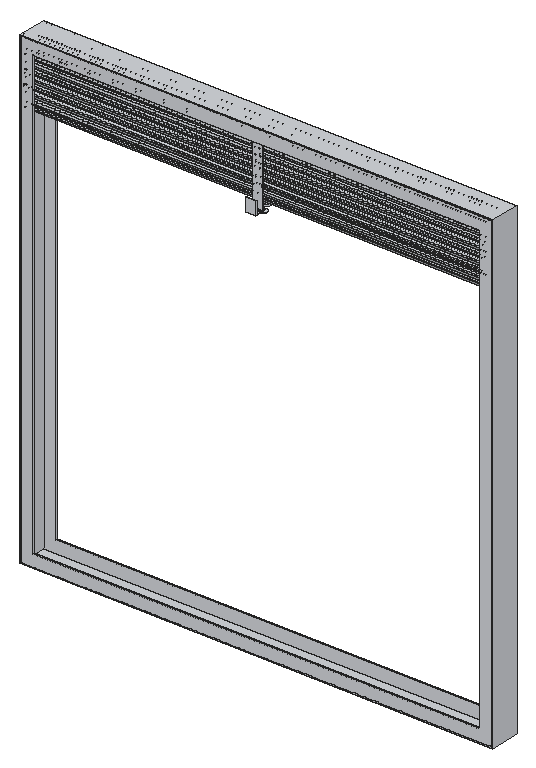
Revit family "FD-AUSL", category Mechanical Equipment, Revit 2015
Parameters
  URL = "https://unitedenertech.com/catalog/pdf/A-15%20%20FD-AUSL.pdf"
  Type Comments = "Max. Size is (40\"w x 40\"h)"
  Model = "FD-AUSL"
  Manufacturer = "United Enertech Corporation"
  Keynote = ""
  Exact Width = 2' - 0"
  EFL Height [instance] = Blade Pair Number * 0' 0 11/32" + 0' 0 41/64"  # 0' - 3 47/64"
  Description = "Ultra Slimline Curtain Fire Damper for use in Static Systems"
  Depth = 0' - 1 1/2"
  Damper Height = 2' - 0"
  Blade Width [instance] = Exact Width - 0' 0 1/8"  # 1' - 11 7/8"
  Blade Spacing [instance] = 0' - 0.34416"
  Blade Pair Number [instance] = (Damper Height - 0' 0 9/128") / 0' 2 159/256"  # 9
Reference planes (in)
  plane 1 "Center (Front/Back)": y = 0
  plane 2: z = 0
  plane 3 "Center (Left/Right)": x = 0
  plane 4: x = -12
  plane 5: x = 12
  plane 6: z = 24
  plane 7: x = -11.9641
  plane 8: x = 11.9641
  plane 9: z = 0.0359
  plane 10: z = 23.9641
  plane 11: y = 0.75
  plane 12: y = -0.75
  plane 13: y = -0.6875
  plane 14: y = 0.6875
  plane 15: z = 0.6609
  plane 16: x = -11.3391
  plane 17: x = 11.3391
  plane 18: z = 23.3391
  plane 19: x = -0.25
  plane 20: x = 0.25
  plane 21: z = 20.22973
  plane 22: z = 20.26563
Forms (in)
  Extrusion 1, solid
    sketch origin (0, 0, 0) x (1, 0, 0) y (0, 0, 1)
      loop
        line (-11.9641, 23.9641) -> (-11.9641, 0.0359) -> (11.9641, 0.0359) -> (11.9641, 23.9641) -> (-11.9641, 23.9641)
      loop
        line (-12, 24) -> (-12, 0) -> (12, 0) -> (12, 24) -> (-12, 24)
    from -0.75 to 0.75
  Extrusion 2, solid
    sketch origin (0, 0, 0) x (1, 0, 0) y (0, 0, 1)
      loop
        line (-11.3391, 23.3391) -> (-11.3391, 0.6609) -> (11.3391, 0.6609) -> (11.3391, 23.3391) -> (-11.3391, 23.3391)
      loop
        line (-11.9641, 23.9641) -> (-11.9641, 0.0359) -> (11.9641, 0.0359) -> (11.9641, 23.9641) -> (-11.9641, 23.9641)
    from 0.6875 to 0.75
  Extrusion 3, solid
    sketch origin (0, 0, 0) x (1, 0, 0) y (0, 0, 1)
      loop
        line (-11.3391, 23.3391) -> (-11.3391, 0.6609) -> (11.3391, 0.6609) -> (11.3391, 23.3391) -> (-11.3391, 23.3391)
      loop
        line (-11.9641, 23.9641) -> (-11.9641, 0.0359) -> (11.9641, 0.0359) -> (11.9641, 23.9641) -> (-11.9641, 23.9641)
    from -0.75 to -0.6875
  Extrusion 4, solid
    sketch origin (0, 0, 0) x (0, 1, 0) y (0, 0, 1)
      loop
        line (0.6875, 23.9641) -> (0.6516, 23.9641) -> (0.6516, 20.22973) -> (1.0891, 20.22973) -> (1.0891, 20.89848) -> (1.0532, 20.89848) -> (1.0532, 20.26563) -> (0.6875, 20.26563) -> (0.6875, 23.9641)
    from -0.25 to 0.25
  Extrusion 5, solid
    sketch origin (0, 0, 0) x (0, -1, 0) y (0, 0, -1)
      loop
        line (0.6875, -23.9641) -> (0.6875, -20.26563) -> (1.0532, -20.26563) -> (1.0532, -20.89848) -> (1.0891, -20.89848) -> (1.0891, -20.22973) -> (0.6516, -20.22973) -> (0.6516, -23.9641) -> (0.6875, -23.9641)
    from -0.25 to 0.25
Dimensions and locks (in)
  equal spacing: plane 4, plane 3 "Center (Left/Right)", plane 5
  "Exact Width": plane 4 to plane 5
  "Damper Height": plane 6 to level
  locked: plane 7 to plane 4 at 0.0359
  locked: plane 5 to plane 8 at 0.0359
  locked: plane 6 to plane 10 at 0.0359
  locked: plane 9 to level at 0.0359
  locked: plane 16 to plane 7 at 0.625
  locked: plane 8 to plane 17 at 0.625
  locked: plane 15 to plane 9 at 0.625
  locked: plane 10 to plane 18 at 0.625
  "EFL Height": plane 10 to plane 21
  locked: plane 22 to plane 21 at 0.0359
  equal spacing: plane 11, plane 1 "Center (Front/Back)", plane 12
  "Depth": plane 11 to plane 12
  locked: plane 13 to plane 12 at 0.0625
  locked: plane 11 to plane 14 at 0.0625
  equal spacing: group 1, group 2, group 3, group 4, group 5, group 6, group 7, group 8, group 9  (x2)
  equal spacing: group 9, group 8, group 7, group 6, group 5, group 4, group 3, group 2, group 1
  "Blade Spacing": nested 2 to nested 3
  aligned and locked: level to plane 2
  aligned and locked: level to Extrusion 1 sketch curve
  aligned and locked: Extrusion 1 sketch curve to plane 4
  aligned and locked: Extrusion 1 sketch curve to plane 5
  aligned and locked: Extrusion 1 sketch curve to plane 6
  aligned and locked: Extrusion 1 sketch curve to plane 10
  aligned and locked: plane 8 to Extrusion 1 sketch curve
  aligned and locked: plane 9 to Extrusion 1 sketch curve
  aligned and locked: plane 7 to Extrusion 1 sketch curve
  aligned and locked: plane 9 to Extrusion 2 sketch curve
  aligned and locked: plane 7 to Extrusion 2 sketch curve
  aligned and locked: plane 8 to Extrusion 2 sketch curve
  aligned and locked: Extrusion 2 sketch curve to plane 10
  aligned and locked: Extrusion 2 sketch curve to plane 18
  aligned and locked: Extrusion 2 sketch curve to plane 17
  aligned and locked: plane 15 to Extrusion 2 sketch curve
  aligned and locked: Extrusion 2 sketch curve to plane 16
  aligned and locked: plane 11 to Extrusion 3
  aligned and locked: Extrusion 3 to plane 14
  aligned and locked: plane 13 to Extrusion 2
  aligned and locked: Extrusion 2 to plane 12
  aligned and locked: plane 19 to Extrusion 5
  aligned and locked: plane 19 to Extrusion 4
  aligned and locked: plane 20 to Extrusion 5
  aligned and locked: plane 20 to Extrusion 4
  aligned and locked: Extrusion 5 sketch curve to plane 21
  aligned and locked: plane 21 to Extrusion 4 sketch curve
  aligned and locked: plane 22 to Extrusion 4 sketch curve
  aligned and locked: Extrusion 5 sketch curve to plane 22
  aligned and locked: Extrusion 1 to plane 12
  aligned and locked: plane 11 to Extrusion 1
  aligned and locked: nested 1 to plane 22
  aligned and locked: nested 1 to plane 1 "Center (Front/Back)"
  aligned and locked: plane 3 "Center (Left/Right)" to nested 2
  aligned and locked: plane 10 to nested 2
Automatic sketch dimensions
  Extrusion 3 sketch curve to plane 7 = 0' - 0"
  Extrusion 3 sketch curve to plane 15 = 0' - 0"
  plane 16 to Extrusion 3 sketch curve = 0' - 0"
  Extrusion 3 sketch curve to plane 17 = 0' - 0"
  plane 8 to Extrusion 3 sketch curve = 0' - 0"
  Extrusion 3 sketch curve to plane 9 = 0' - 0"
  Extrusion 3 sketch curve to plane 18 = 0' - 0"
  Extrusion 3 sketch curve to plane 10 = 0' - 0"
  Extrusion 4 sketch curve to plane 10 = 0' - 0"
  Extrusion 4 sketch curve to plane 14 = 0' - 0"
  Extrusion 4 sketch curve to plane 14 = 0' - 0.0359"
  plane 11 to Extrusion 4 sketch curve = 0' - 0.3032"
  Extrusion 4 sketch curve to Extrusion 4 sketch curve = 0' - 0.0359"
  plane 22 to Extrusion 4 sketch curve = 0' - 0.63285"
  Extrusion 5 sketch curve to plane 10 = 0' - 0"
  Extrusion 5 sketch curve to plane 13 = 0' - 0"
  Extrusion 5 sketch curve to plane 13 = 0' - 0.0359"
  plane 12 to Extrusion 5 sketch curve = 0' - 0.3032"
  Extrusion 5 sketch curve to Extrusion 5 sketch curve = 0' - 0.0359"
  Extrusion 5 sketch curve to plane 22 = 0' - 0.63285"
Nested families (in)
  nested 1: "EFL USL" at (4.62017, 3.53682, 20.26563), type "EFL USL"
  nested 2: "USL Blade" at (0, 1.15536, 23.11023), type "USL Blade"
    with Blade Width 1' - 11 7/8"
  nested 3: "USL Blade" at (0, 1.15536, 22.76608), type "USL Blade"
    with Blade Width 1' - 11 7/8"
  nested 4: "USL Blade" at (0, 1.15536, 22.42192), type "USL Blade"
    with Blade Width 1' - 11 7/8"
  nested 5: "USL Blade" at (0, 1.15536, 22.07776), type "USL Blade"
    with Blade Width 1' - 11 7/8"
  nested 6: "USL Blade" at (0, 1.15536, 21.7336), type "USL Blade"
    with Blade Width 1' - 11 7/8"
  nested 7: "USL Blade" at (0, 1.15536, 21.38944), type "USL Blade"
    with Blade Width 1' - 11 7/8"
  nested 8: "USL Blade" at (0, 1.15536, 21.04528), type "USL Blade"
    with Blade Width 1' - 11 7/8"
  nested 9: "USL Blade" at (0, 1.15536, 20.70113), type "USL Blade"
    with Blade Width 1' - 11 7/8"
  nested 10: "USL Blade" at (0, 1.15536, 20.35697), type "USL Blade"
    with Blade Width 1' - 11 7/8"
Definition of nested family "EFL USL"
  Reference planes (in)
    plane 1 "Center (Front/Back)": y = 0
    plane 2: z = 0
    plane 3 "Center (Left/Right)": x = 0
    plane 4: y = -3.53682
  Forms (in)
    Extrusion 1, solid
      sketch origin (0, 0.3125, 0) x (1, 0, 0) y (0, 1, 0)
        loop
          arc (-4.87017, -4.05324) -> (-4.81525, -4.18582) -> (-4.68267, -4.24074) r 0.1875
          line (-4.68267, -4.24074) -> (-4.55767, -4.24074)
          arc (-4.55767, -4.24074) -> (-4.42508, -4.18582) -> (-4.37017, -4.05324) r 0.1875
          line (-4.37017, -4.05324) -> (-4.37017, -3.78492) -> (-4.87017, -3.78492) -> (-4.87017, -4.05324)
        loop
          circle (-4.62017, -4.05324) r 0.0625
      from 0.1 to 0.05
    Extrusion 2, solid
      sketch origin (-9.24033, -7.39397, 0) x (-1, 0, 0) y (0, -1, 0)
        loop
          arc (-4.87017, -4.05324) -> (-4.81525, -4.18582) -> (-4.68267, -4.24074) r 0.1875
          line (-4.68267, -4.24074) -> (-4.55767, -4.24074)
          arc (-4.55767, -4.24074) -> (-4.42508, -4.18582) -> (-4.37017, -4.05324) r 0.1875
          line (-4.37017, -4.05324) -> (-4.37017, -3.78646) -> (-4.87017, -3.78646) -> (-4.87017, -4.05324)
        loop
          circle (-4.62017, -4.05324) r 0.0625
      from 0 to 0.05
    Sweep 3, solid
      path in 3D
        loop
          line (-4.62017, -3.85171, 0) -> (-4.62017, -3.91358, 0)
          arc (-4.62017, -3.91358, 0) -> (-4.65678, -4.00197, 0) -> (-4.74517, -4.03858, 0) r 0.125
          line (-4.74517, -4.03858, 0) -> (-4.92568, -4.03858, 0)
          arc (-4.92568, -4.03858, 0) -> (-5.02859, -4.1415, 0) -> (-4.92568, -4.24441, 0) r 0.10291
          line (-4.92568, -4.24441, 0) -> (-4.62017, -4.24441, 0) -> (-4.31465, -4.24441, 0)
          arc (-4.31465, -4.24441, 0) -> (-4.21174, -4.1415, 0) -> (-4.31465, -4.03858, 0) r 0.10291
          line (-4.31465, -4.03858, 0) -> (-4.58427, -4.03858, 0)
      profile origin (-4.62017, -3.88265, 0) x (1, 0, 0) y (0, 0, 1)
        loop
          circle (0, 0) r 0.03202
    Sweep 4, solid
      path in 3D
        loop
          line (-4.62017, -3.9705, 0.1526) -> (-4.62017, -3.81047, 0.1526)
          arc (-4.62017, -3.81047, 0.1526) -> (-4.62017, -3.73385, 0.07598) -> (-4.62017, -3.81047, -0.00063) r 0.07662
          line (-4.62017, -3.81047, -0.00063) -> (-4.62017, -3.85171, -0.00063)
      profile origin (-4.62017, -3.83109, -0.00063) x (0, 0, -1) y (1, 0, 0)
        loop
          circle (0, 0) r 0.03138
    Sweep 5, solid
      path in 3D
        loop
          line (-4.62017, -3.22976, 0) -> (-4.62017, -3.16789, 0)
          arc (-4.62017, -3.16789, 0) -> (-4.65678, -3.0795, 0) -> (-4.74517, -3.04289, 0) r 0.125
          line (-4.74517, -3.04289, 0) -> (-4.92568, -3.04289, 0)
          arc (-4.92568, -3.04289, 0) -> (-5.02859, -2.93997, 0) -> (-4.92568, -2.83706, 0) r 0.10291
          line (-4.92568, -2.83706, 0) -> (-4.62017, -2.83706, 0) -> (-4.31465, -2.83706, 0)
          arc (-4.31465, -2.83706, 0) -> (-4.21174, -2.93997, 0) -> (-4.31465, -3.04289, 0) r 0.10291
          line (-4.31465, -3.04289, 0) -> (-4.58427, -3.04289, 0)
      profile origin (-4.62017, -3.19883, 0) x (-1, 0, 0) y (0, 0, 1)
        loop
          circle (0, 0) r 0.03202
    Sweep 6, solid
      path in 3D
        loop
          line (-4.62017, -3.11098, 0.1526) -> (-4.62017, -3.27101, 0.1526)
          arc (-4.62017, -3.27101, 0.1526) -> (-4.62017, -3.34762, 0.07598) -> (-4.62017, -3.27101, -0.00063) r 0.07662
          line (-4.62017, -3.27101, -0.00063) -> (-4.62017, -3.22976, -0.00063)
      profile origin (-4.62017, -3.25038, -0.00063) x (0, 0, 1) y (1, 0, 0)
        loop
          circle (0, 0) r 0.03138
  Lines and regions (in)
    sketch lines
      curve 1: line (-4.62017, -3.85171, 0) -> (-4.62017, -3.91358, 0)
      curve 2: arc (-4.74517, -4.03858, 0) -> (-4.65678, -4.00197, 0) -> (-4.62017, -3.91358, 0) r 0.125
      curve 3: line (-4.74517, -4.03858, 0) -> (-4.92568, -4.03858, 0)
      curve 4: arc (-4.92568, -4.03858, 0) -> (-5.02859, -4.1415, 0) -> (-4.92568, -4.24441, 0) r 0.10291
      curve 5: line (-4.62017, -4.24441, 0) -> (-4.92568, -4.24441, 0)
      curve 6: line (-4.62017, -4.24441, 0) -> (-4.31465, -4.24441, 0)
      curve 7: arc (-4.31465, -4.24441, 0) -> (-4.21174, -4.1415, 0) -> (-4.31465, -4.03858, 0) r 0.10291
      curve 8: line (-4.58427, -4.03858, 0) -> (-4.31465, -4.03858, 0)
      curve 9: line (-4.62017, -3.81047, -0.00063) -> (-4.62017, -3.85171, -0.00063)
      curve 10: arc (-4.62017, -3.81047, -0.00063) -> (-4.62017, -3.73385, 0.07598) -> (-4.62017, -3.81047, 0.1526) r 0.07662
      curve 11: line (-4.62017, -3.81047, 0.1526) -> (-4.62017, -3.9705, 0.1526)
      curve 12: line (-4.62017, -3.22976, 0) -> (-4.62017, -3.16789, 0)
      curve 13: arc (-4.74517, -3.04289, 0) -> (-4.65678, -3.0795, 0) -> (-4.62017, -3.16789, 0) r 0.125
      curve 14: line (-4.74517, -3.04289, 0) -> (-4.92568, -3.04289, 0)
      curve 15: arc (-4.92568, -3.04289, 0) -> (-5.02859, -2.93997, 0) -> (-4.92568, -2.83706, 0) r 0.10291
      curve 16: line (-4.62017, -2.83706, 0) -> (-4.92568, -2.83706, 0)
      curve 17: line (-4.62017, -2.83706, 0) -> (-4.31465, -2.83706, 0)
      curve 18: arc (-4.31465, -2.83706, 0) -> (-4.21174, -2.93997, 0) -> (-4.31465, -3.04289, 0) r 0.10291
      curve 19: line (-4.58427, -3.04289, 0) -> (-4.31465, -3.04289, 0)
      curve 20: line (-4.62017, -3.27101, -0.00063) -> (-4.62017, -3.22976, -0.00063)
      curve 21: arc (-4.62017, -3.27101, -0.00063) -> (-4.62017, -3.34762, 0.07598) -> (-4.62017, -3.27101, 0.1526) r 0.07662
      curve 22: line (-4.62017, -3.27101, 0.1526) -> (-4.62017, -3.11098, 0.1526)
  Dimensions and locks (in)
    aligned and locked: level to plane 2
Definition of nested family "USL Blade"
  Parameters (values of type "USL Blade")
    Blade Width = 2' - 11 7/8"
  Reference planes (in)
    plane 1 "Center (Front/Back)": y = 0
    plane 2: z = 0
    plane 3 "Center (Left/Right)": x = 0
    plane 4: x = -17.9375
    plane 5: x = 17.9375
  Forms (in)
    Extrusion 1, solid
      sketch origin (0, -0.13843, -0.47752) x (0, 0.992262, -0.124163) y (0, 0.124163, 0.992262)
        loop
          arc (-0.62271, 1.01377) -> (-0.61694, 1.03205) -> (-0.59923, 1.02472) r 0.013
          line (-0.59923, 1.02472) -> (-0.57568, 0.96001)
          arc (-0.57568, 0.96001) -> (-0.58087, 0.92064) -> (-0.61609, 0.9023) r 0.043
          line (-0.61609, 0.9023) -> (-0.65109, 0.9023)
          arc (-0.65109, 0.9023) -> (-0.69801, 0.91938) -> (-0.72298, 0.96263) r 0.073
          line (-0.72298, 0.96263) -> (-0.74164, 1.06846)
          arc (-0.74164, 1.06846) -> (-0.76764, 1.11349) -> (-0.81649, 1.13127) r 0.076
          line (-0.81649, 1.13127) -> (-1.13149, 1.13127) -> (-1.44649, 1.13127)
          arc (-1.44649, 1.13127) -> (-1.50116, 1.10805) -> (-1.52244, 1.0526) r 0.076
          arc (-1.52244, 1.0526) -> (-1.57253, 0.92315) -> (-1.70037, 0.86936) r 0.177
          arc (-1.70037, 0.86936) -> (-1.74067, 0.88606) -> (-1.75737, 0.92637) r 0.057
          line (-1.75737, 0.92637) -> (-1.75749, 1.04134)
          arc (-1.75749, 1.04134) -> (-1.7408, 1.08165) -> (-1.70048, 1.09835) r 0.05701
          line (-1.70048, 1.09835) -> (-1.6257, 1.09835) -> (-1.6257, 1.13135) -> (-1.68158, 1.13135) -> (-1.73428, 1.12476)
          arc (-1.73428, 1.12476) -> (-1.7751, 1.09164) -> (-1.79045, 1.04137) r 0.08998
          line (-1.79045, 1.04137) -> (-1.79045, 0.92637)
          arc (-1.79045, 0.92637) -> (-1.76408, 0.8627) -> (-1.7004, 0.83633) r 0.09005
          arc (-1.7004, 0.83633) -> (-1.54881, 0.9002) -> (-1.48975, 1.05374) r 0.21002
          arc (-1.48975, 1.05374) -> (-1.47742, 1.08513) -> (-1.44649, 1.09827) r 0.043
          line (-1.44649, 1.09827) -> (-1.13149, 1.09827) -> (-0.81649, 1.09827)
          arc (-0.81649, 1.09827) -> (-0.78885, 1.08821) -> (-0.77414, 1.06273) r 0.043
          line (-0.77414, 1.06273) -> (-0.75548, 0.9569)
          arc (-0.75548, 0.9569) -> (-0.71922, 0.8941) -> (-0.65109, 0.8693) r 0.106
          line (-0.65109, 0.8693) -> (-0.61609, 0.8693)
          arc (-0.61609, 0.8693) -> (-0.55383, 0.90171) -> (-0.54467, 0.9713) r 0.076
          line (-0.54467, 0.9713) -> (-0.56822, 1.036)
          arc (-0.56822, 1.036) -> (-0.63089, 1.06196) -> (-0.65129, 0.99727) r 0.046
          line (-0.65129, 0.99727) -> (-0.61129, 0.92799) -> (-0.58271, 0.94449) -> (-0.62271, 1.01377)
      from -17.9375 to 17.9375
    Extrusion 2, solid
      sketch origin (0, -2.1379, -0.66616) x (0, -0.988926, -0.148408) y (0, 0.148408, -0.988926)
        loop
          line (-0.62271, -1.01377) -> (-0.58271, -0.94449) -> (-0.61129, -0.92799) -> (-0.65129, -0.99727)
          arc (-0.65129, -0.99727) -> (-0.63089, -1.06196) -> (-0.56822, -1.036) r 0.046
          line (-0.56822, -1.036) -> (-0.54467, -0.9713)
          arc (-0.54467, -0.9713) -> (-0.55383, -0.90171) -> (-0.61609, -0.8693) r 0.076
          line (-0.61609, -0.8693) -> (-0.65109, -0.8693)
          arc (-0.65109, -0.8693) -> (-0.71922, -0.8941) -> (-0.75548, -0.9569) r 0.106
          line (-0.75548, -0.9569) -> (-0.77414, -1.06273)
          arc (-0.77414, -1.06273) -> (-0.78885, -1.08821) -> (-0.81649, -1.09827) r 0.043
          line (-0.81649, -1.09827) -> (-1.13149, -1.09827) -> (-1.44649, -1.09827)
          arc (-1.44649, -1.09827) -> (-1.47742, -1.08513) -> (-1.48975, -1.05374) r 0.043
          arc (-1.48975, -1.05374) -> (-1.54881, -0.9002) -> (-1.7004, -0.83633) r 0.21002
          arc (-1.7004, -0.83633) -> (-1.76408, -0.8627) -> (-1.79045, -0.92637) r 0.09005
          line (-1.79045, -0.92637) -> (-1.79045, -1.04137)
          arc (-1.79045, -1.04137) -> (-1.7641, -1.105) -> (-1.70047, -1.13135) r 0.08998
          line (-1.70047, -1.13135) -> (-1.6257, -1.13135) -> (-1.6257, -1.09835) -> (-1.70048, -1.09835)
          arc (-1.70048, -1.09835) -> (-1.7408, -1.08165) -> (-1.75749, -1.04134) r 0.05701
          line (-1.75749, -1.04134) -> (-1.75737, -0.92637)
          arc (-1.75737, -0.92637) -> (-1.74067, -0.88606) -> (-1.70037, -0.86936) r 0.057
          arc (-1.70037, -0.86936) -> (-1.57253, -0.92315) -> (-1.52244, -1.0526) r 0.177
          arc (-1.52244, -1.0526) -> (-1.50116, -1.10805) -> (-1.44649, -1.13127) r 0.076
          line (-1.44649, -1.13127) -> (-1.13149, -1.13127) -> (-0.81649, -1.13127)
          arc (-0.81649, -1.13127) -> (-0.76764, -1.11349) -> (-0.74164, -1.06846) r 0.076
          line (-0.74164, -1.06846) -> (-0.72298, -0.96263)
          arc (-0.72298, -0.96263) -> (-0.69801, -0.91938) -> (-0.65109, -0.9023) r 0.073
          line (-0.65109, -0.9023) -> (-0.61609, -0.9023)
          arc (-0.61609, -0.9023) -> (-0.58087, -0.92064) -> (-0.57568, -0.96001) r 0.043
          line (-0.57568, -0.96001) -> (-0.59923, -1.02472)
          arc (-0.59923, -1.02472) -> (-0.61694, -1.03205) -> (-0.62271, -1.01377) r 0.013
      from -17.9375 to 17.9375
  Dimensions and locks (in)
    equal spacing: plane 4, plane 3 "Center (Left/Right)", plane 5
    "Blade Width": plane 4 to plane 5
    aligned and locked: level to plane 2
    aligned and locked: plane 4 to Extrusion 1
    aligned and locked: plane 4 to Extrusion 2
    aligned and locked: plane 5 to Extrusion 1
    aligned and locked: plane 5 to Extrusion 2
  Automatic sketch dimensions
    Extrusion 2 sketch curve to Extrusion 2 sketch curve = 0' - 0"  (x15)
    Extrusion 2 sketch curve to level = 0' - 0.51567"
    Extrusion 2 sketch curve to plane 1 "Center (Front/Back)" = 0' - 0.50476"
    Extrusion 2 sketch curve to Extrusion 2 sketch curve = 0' - 0.03296"
    Extrusion 2 sketch curve to Extrusion 2 sketch curve = 0' - 0.05701"
    Extrusion 2 sketch curve to Extrusion 2 sketch curve = 0' - 0.05709"
    Extrusion 2 sketch curve to Extrusion 2 sketch curve = 0' - 0.00003"  (x2)
    Extrusion 2 sketch curve to Extrusion 2 sketch curve = 0' - 0.00083"
    Extrusion 2 sketch curve to Extrusion 2 sketch curve = 0' - 0.07478"
    Extrusion 2 sketch curve to Extrusion 2 sketch curve = 0' - 0.17922"
    Extrusion 2 sketch curve to Extrusion 2 sketch curve = 0' - 0.315"  (x2)
    Extrusion 2 sketch curve to Extrusion 2 sketch curve = 0' - 0.04235"
    Extrusion 2 sketch curve to Extrusion 2 sketch curve = 0' - 0.01866"
    Extrusion 2 sketch curve to Extrusion 2 sketch curve = 0' - 0.0325"  (x2)
    Extrusion 2 sketch curve to Extrusion 2 sketch curve = 0' - 0.07169"
    Extrusion 2 sketch curve to Extrusion 2 sketch curve = 0' - 0.07189"
    Extrusion 2 sketch curve to Extrusion 2 sketch curve = 0' - 0.02858"  (x2)
    Extrusion 2 sketch curve to Extrusion 2 sketch curve = 0' - 0.035"
    Extrusion 2 sketch curve to Extrusion 2 sketch curve = 0' - 0.01126"
    Extrusion 2 sketch curve to Extrusion 2 sketch curve = 0' - 0.0048"
    Extrusion 2 sketch curve to Extrusion 2 sketch curve = 0' - 0.01222"
    Extrusion 2 sketch curve to Extrusion 2 sketch curve = 0' - 0.00702"
    Extrusion 2 sketch curve to Extrusion 2 sketch curve = 0' - 0.03101"  (x2)
    Extrusion 2 sketch curve to Extrusion 2 sketch curve = 0' - 0.03298"
    Extrusion 2 sketch curve to Extrusion 2 sketch curve = 0' - 0.033"
    Extrusion 2 sketch curve to Extrusion 2 sketch curve = 0' - 0.02568"
    Extrusion 2 sketch curve to Extrusion 2 sketch curve = 0' - 0.0165"  (x2)
    Extrusion 2 sketch curve to Extrusion 2 sketch curve = 0' - 0.01732"
    Extrusion 2 sketch curve to Extrusion 2 sketch curve = 0' - 0.05459"
    Extrusion 2 sketch curve to Extrusion 2 sketch curve = 0' - 0.02196"
    Extrusion 2 sketch curve to Extrusion 2 sketch curve = 0' - 0.0065"
    Extrusion 2 sketch curve to Extrusion 2 sketch curve = 0' - 0.11497"
    Extrusion 2 sketch curve to Extrusion 2 sketch curve = 0' - 0.00004"
    Extrusion 2 sketch curve to Extrusion 2 sketch curve = 0' - 0.00497"
    Extrusion 2 sketch curve to Extrusion 2 sketch curve = 0' - 0.04308"
    Extrusion 2 sketch curve to Extrusion 2 sketch curve = 0' - 0.09837"
    Extrusion 2 sketch curve to Extrusion 2 sketch curve = 0' - 0.00747"
    Extrusion 2 sketch curve to Extrusion 2 sketch curve = 0' - 0.00573"
    Extrusion 2 sketch curve to Extrusion 2 sketch curve = 0' - 0.00013"
    Extrusion 2 sketch curve to Extrusion 2 sketch curve = 0' - 0.07623"
    Extrusion 2 sketch curve to Extrusion 2 sketch curve = 0' - 0.00028"
    Extrusion 2 sketch curve to Extrusion 2 sketch curve = 0' - 0.03269"
    Extrusion 2 sketch curve to Extrusion 2 sketch curve = 0' - 0.00029"
    Extrusion 1 sketch curve to Extrusion 1 sketch curve = 0' - 0"  (x15)
    level to Extrusion 1 sketch curve = 0' - 0.66399"
    plane 1 "Center (Front/Back)" to Extrusion 1 sketch curve = 0' - 1.8"
    Extrusion 1 sketch curve to Extrusion 1 sketch curve = 0' - 0.03296"
    Extrusion 1 sketch curve to Extrusion 1 sketch curve = 0' - 0.05701"
    Extrusion 1 sketch curve to Extrusion 1 sketch curve = 0' - 0.05709"
    Extrusion 1 sketch curve to Extrusion 1 sketch curve = 0' - 0.00003"  (x2)
    Extrusion 1 sketch curve to Extrusion 1 sketch curve = 0' - 0.00083"
    Extrusion 1 sketch curve to Extrusion 1 sketch curve = 0' - 0.17922"
    Extrusion 1 sketch curve to Extrusion 1 sketch curve = 0' - 0.315"  (x2)
    Extrusion 1 sketch curve to Extrusion 1 sketch curve = 0' - 0.04235"
    Extrusion 1 sketch curve to Extrusion 1 sketch curve = 0' - 0.01866"
    Extrusion 1 sketch curve to Extrusion 1 sketch curve = 0' - 0.0325"  (x2)
    Extrusion 1 sketch curve to Extrusion 1 sketch curve = 0' - 0.07169"
    Extrusion 1 sketch curve to Extrusion 1 sketch curve = 0' - 0.0002"
    Extrusion 1 sketch curve to Extrusion 1 sketch curve = 0' - 0.02858"  (x2)
    Extrusion 1 sketch curve to Extrusion 1 sketch curve = 0' - 0.035"
    Extrusion 1 sketch curve to Extrusion 1 sketch curve = 0' - 0.01126"
    Extrusion 1 sketch curve to Extrusion 1 sketch curve = 0' - 0.0048"
    Extrusion 1 sketch curve to Extrusion 1 sketch curve = 0' - 0.01222"
    Extrusion 1 sketch curve to Extrusion 1 sketch curve = 0' - 0.00702"
    Extrusion 1 sketch curve to Extrusion 1 sketch curve = 0' - 0.03101"  (x2)
    Extrusion 1 sketch curve to Extrusion 1 sketch curve = 0' - 0.03298"
    Extrusion 1 sketch curve to Extrusion 1 sketch curve = 0' - 0.033"  (x2)
    Extrusion 1 sketch curve to Extrusion 1 sketch curve = 0' - 0.02568"
    Extrusion 1 sketch curve to Extrusion 1 sketch curve = 0' - 0.0165"  (x2)
    Extrusion 1 sketch curve to Extrusion 1 sketch curve = 0' - 0.01732"
    Extrusion 1 sketch curve to Extrusion 1 sketch curve = 0' - 0.05459"
    Extrusion 1 sketch curve to Extrusion 1 sketch curve = 0' - 0.02196"
    Extrusion 1 sketch curve to Extrusion 1 sketch curve = 0' - 0.0065"
    Extrusion 1 sketch curve to Extrusion 1 sketch curve = 0' - 0.11497"
    Extrusion 1 sketch curve to Extrusion 1 sketch curve = 0' - 0.00004"
    Extrusion 1 sketch curve to Extrusion 1 sketch curve = 0' - 0.00497"
    Extrusion 1 sketch curve to Extrusion 1 sketch curve = 0' - 0.09837"
    Extrusion 1 sketch curve to Extrusion 1 sketch curve = 0' - 0.04308"
    Extrusion 1 sketch curve to Extrusion 1 sketch curve = 0' - 0.00747"
    Extrusion 1 sketch curve to Extrusion 1 sketch curve = 0' - 0.00573"
    Extrusion 1 sketch curve to Extrusion 1 sketch curve = 0' - 0.0527"
    Extrusion 1 sketch curve to Extrusion 1 sketch curve = 0' - 0.00013"
    Extrusion 1 sketch curve to Extrusion 1 sketch curve = 0' - 0.05587"
    Extrusion 1 sketch curve to Extrusion 1 sketch curve = 0' - 0.07623"
    Extrusion 1 sketch curve to Extrusion 1 sketch curve = 0' - 0.00028"
    Extrusion 1 sketch curve to Extrusion 1 sketch curve = 0' - 0.03269"
    Extrusion 1 sketch curve to Extrusion 1 sketch curve = 0' - 0.00029"
    Extrusion 1 sketch curve to Extrusion 1 sketch curve = 0' - 0.00659"
